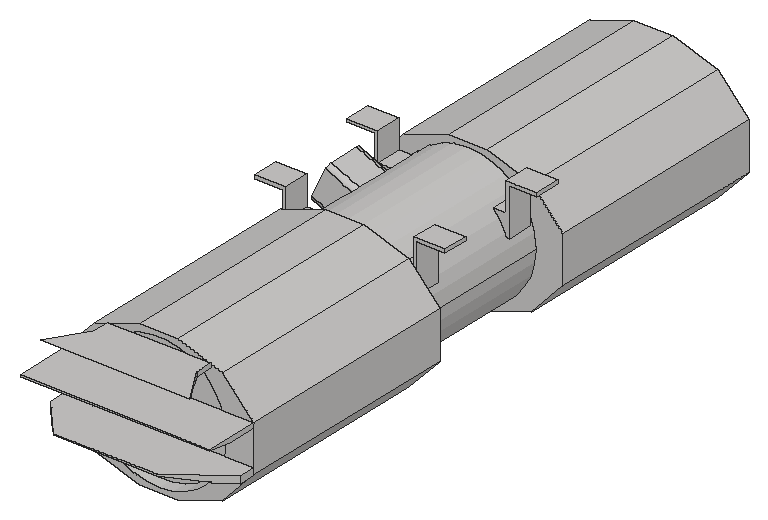
Revit family "HARMANN - REVIT - PIRAX", category Wyposażenie mechaniczne, Revit 2025
Family settings
  Wymiar okrągłego złącza = Użyj średnicy
  Typ części = Normalny
  Numer OmniClass = 23.75.00.00
  Tytuł OmniClass = Climate Control (HVAC)
  Oparty na płaszczyźnie roboczej = Nie
  Zawsze pionowo = Nie
  Tnij formami wycięć po wczytaniu = Nie
  Zachowaj orientację opisów = Nie
  Współdzielony = Nie
  Punkt obliczania pomieszczeń = Nie
Parameters (values of type "PIRAX.S CPA 400 D42")
  r2 = r - 10.00 mm  # 191.00 mm
  r = 201.00 mm
  g = 280.00 mm
  f = 240.00 mm
  e = 167.00 mm
  d = 169.00 mm
  c = 189.00 mm
  b = 56.50 mm
  a = 69.50 mm
  Zasilanie natężenie maksymalne II = 5.23 A
  Zasilanie napięcie nominalne Unom = 400 V
  Zasilanie Rodzaj Sterowania = "II biegi Y/YY"
  Zasilanie Moc maksymalna II = 2875 W
  Zasilanie Częstotliwość Nominalna = 50 Hz
  Temperatura pracy T = 60 °C
  PIRAX 400 [instance] = "431-487 mm"  # constant formula
  PIRAX 355 [instance] = "386-442 mm"  # constant formula
  PIRAX 315 [instance] = "346-430 mm"  # constant formula
  Odsunięcie wentylatora od stropu [instance] = "Podaj odsunięcie wentylatora od stropu, Zakresy dla konkretnych modeli"  # constant formula
  Numer artykułu = "15906801"
  Tmax = "60 oC"
  Kierunek rewersyjny. Siła ciągu II = 0.00 N
  Kierunek rewersyjny. Powietrze Przepływ II = 0 m³/h
  Kierunek rewersyjny. I bieg Qrev = 0 m³/h
  Kierunek rewersyjny. BiegFrev = 0.00 N
  Kierunek przepływu = size_lookup(Lookup Table Name, "Kierunek przepływu", "n/a", N1)  # "Jednokierunkowy"
  Kierunek główny. Siła ciągu II = 87.00 N
  Kierunek główny. Powietrze Przepływ II = 10830 m³/h
  Obroty maksymalne II (min-1) = "2890"
  N1 = 6 mm
  Producent = "Harmann Polska Sp. z o.o."  # constant formula
  Lookup Table Name = "PIRAX.S"
  L = size_lookup(Lookup Table Name, "L", 1.00 mm, N1)  # 1824.00 mm
  Kierunek główny. I bieg Qmax = 5500 m³/h
  J = size_lookup(Lookup Table Name, "J", 1.00 mm, N1)  # 535.00 mm
  Kierunek główny. I bieg F = 22.00 N
  I bieg nmax = "1460"
  Zasilanie. I bieg Pmax = 423 W
  I bieg Lpa dB(A) = 550 mm
  I bieg Imax = 1.26 A
  I = size_lookup(Lookup Table Name, "I", 1.00 mm, N1)  # 30.00 mm
  Zasilanie Ilość faz = 3
  H (Rzeczywiste) [instance] = if(Podaj odsunięcie od stropu dla wybranego modelu < 346.00 mm, 346.00 mm, if(Podaj odsunięcie od stropu dla wybranego modelu > 487.00 mm, 487.00 mm, Podaj odsunięcie od stropu dla wybranego modelu))  # 431.00 mm
  Podaj odsunięcie od stropu dla wybranego modelu [instance] = 431.00 mm
  G = size_lookup(Lookup Table Name, "G", 1.00 mm, N1)  # 47.40 mm
  Model = "PIRAX.S CPA 400 D42"
  Masa = 46.00 kg
  F = size_lookup(Lookup Table Name, "F", 1.00 mm, N1)  # 424.00 mm
  Opis = "Strumieniowy wentylator."
  E = size_lookup(Lookup Table Name, "E", 1.00 mm, N1)  # 560.00 mm
  Domyślna rzędna = 0.00 mm
  Ciśnienie akustyczne nominalne II Lpa dB(A) = 730 mm
  C = size_lookup(Lookup Table Name, "C", 1.00 mm, N1)  # 635.00 mm
  B = size_lookup(Lookup Table Name, "B", 1.00 mm, N1)  # 340.00 mm
  Autor = "https://www.archispace.com/"
  A = size_lookup(Lookup Table Name, "A", 1.00 mm, N1)  # 452.00 mm
Types (12, lengths in mm): name | r2 | r | g | f | e | d | c | b | a | Zasilanie natężenie maksymalne II | Zasilanie Rodzaj Sterowania | Zasilanie Moc maksymalna II | Numer artykułu | Tmax | Kierunek rewersyjny. Siła ciągu II | Kierunek rewersyjny. Powietrze Przepływ II | Kierunek rewersyjny. I bieg Qrev | Kierunek rewersyjny. BiegFrev | Kierunek przepływu | Kierunek główny. Siła ciągu II | Kierunek główny. Powietrze Przepływ II | Obroty maksymalne II (min-1) | N1 | Lookup Table Name | Kierunek główny. I bieg Qmax | J | Kierunek główny. I bieg F | I bieg nmax | Zasilanie. I bieg Pmax | I bieg Lpa dB(A) | I bieg Imax | H (Rzeczywiste) | Podaj odsunięcie od stropu dla wybranego modelu | Model | Masa | F | E | Ciśnienie akustyczne nominalne II Lpa dB(A) | C
  PIRAX CPA 315 D2 | 148.00 | 158.00 | 234.785 | 192.00 | 128.00 | 126.50 | 150.00 | 60.00 | 56.50 | 2.3 A | "I bieg Y" | 1050 W | "15905000" | "60 oC" | 27.00 N | 4790 m³/h | 0 m³/h | 0.00 N | "Dwukierunkowy" | 28.00 N | 4800 m³/h | "2900" | 1 | "PIRAX" | 0 m³/h | 447.00 | 0.00 N | "0" | 0 W | 0 | 0 A | 346.00 | 346.00 | "PIRAX CPA 315 D2" | 33.50 kg | 339.00 | 445.00 | 650 | 547.00
  PIRAX CPA 355 D2 | 168.00 | 178.00 | 254.00 | 225.00 | 150.00 | 142.50 | 168.00 | 65.00 | 61.00 | 3.63 A | "I bieg Y" | 1965 W | "15906000" | "60 oC" | 45.00 N | 6940 m³/h | 0 m³/h | 0.00 N | "Dwukierunkowy" | 49.00 N | 7200 m³/h | "2905" | 3 | "PIRAX" | 0 m³/h | 489.00 | 0.00 N | "0" | 0 W | 0 | 0 A | 386.00 | 386.00 | "PIRAX CPA 355 D2" | 42.40 kg | 379.00 | 505.00 | 700 | 587.00
  PIRAX CPA 400 D2 | 191.00 | 201.00 | 280.00 | 240.00 | 167.00 | 169.00 | 189.00 | 56.50 | 69.50 | 0 A | "I bieg Y" | 0 W | "15906300" | "0 oC" | 0.00 N | 0 m³/h | 9980 m³/h | 74.00 N | "Dwukierunkowy" | 0.00 N | 0 m³/h | "0" | 5 | "PIRAX" | 10740 m³/h | 535.00 | 85.00 N | "2890" | 2770 W | 730 | 5.2 A | 431.00 | 431.00 | "PIRAX CPA 400 D2" | 48.00 kg | 424.00 | 560.00 | 0 | 635.00
  PIRAX CPA 315 D42 | 148.00 | 158.00 | 234.785 | 192.00 | 128.00 | 126.50 | 150.00 | 60.00 | 56.50 | 2.1 A | "II biegi Y/YY" | 1059 W | "15907800" | "60 oC" | 28.00 N | 4875 m³/h | 2400 m³/h | 7.00 N | "Dwukierunkowy" | 29.00 N | 4910 m³/h | "2900" | 1 | "PIRAX" | 2450 m³/h | 447.00 | 7.00 N | "1460" | 202 W | 500 | 0.91 A | 346.00 | 346.00 | "PIRAX CPA 315 D42" | 31.50 kg | 339.00 | 445.00 | 650 | 547.00
  PIRAX CPA 355 D42 | 168.00 | 178.00 | 254.00 | 225.00 | 150.00 | 142.50 | 168.00 | 65.00 | 61.00 | 3.8 A | "II biegi Y/YY" | 1994 W | "15907300" | "60 oC" | 47.00 N | 7050 m³/h | 3525 m³/h | 12.00 N | "Dwukierunkowy" | 50.00 N | 7330 m³/h | "2905" | 3 | "PIRAX" | 3640 m³/h | 489.00 | 12.00 N | "1460" | 325 W | 530 | 1.05 A | 386.00 | 386.00 | "PIRAX CPA 355 D42" | 40.00 kg | 379.00 | 505.00 | 680 | 587.00
  PIRAX CPA 400 D42 | 191.00 | 201.00 | 280.00 | 240.00 | 167.00 | 169.00 | 189.00 | 56.50 | 69.50 | 5.23 A | "II biegi Y/YY" | 2875 W | "15906800" | "60 oC" | 74.00 N | 10020 m³/h | 5060 m³/h | 19.00 N | "Dwukierunkowy" | 87.00 N | 10830 m³/h | "2890" | 5 | "PIRAX" | 5500 m³/h | 535.00 | 22.00 N | "1460" | 423 W | 550 | 1.26 A | 431.00 | 431.00 | "PIRAX CPA 400 D42" | 46.00 kg | 424.00 | 560.00 | 730 | 635.00
  PIRAX.S CPA 400 D2 | 191.00 | 201.00 | 280.00 | 240.00 | 167.00 | 169.00 | 189.00 | 56.50 | 69.50 | 5.2 A | "I bieg Y" | 2770 W | "15906301" | "60 oC" | 0.00 N | 0 m³/h | 0 m³/h | 0.00 N | "Jednokierunkowy" | 85.00 N | 10740 m³/h | "2885" | 6 | "PIRAX.S" | 0 m³/h | 535.00 | 0.00 N | "0" | 0 W | 0 | 0 A | 431.00 | 431.00 | "PIRAX.S CPA 400 D2" | 48.00 kg | 424.00 | 560.00 | 730 | 635.00
  PIRAX.S CPA 315 D2 | 148.00 | 158.00 | 234.785 | 192.00 | 128.00 | 126.50 | 150.00 | 60.00 | 56.50 | 2.3 A | "I biegi Y" | 1050 W | "15905001" | "60 oC" | 0.00 N | 0 m³/h | 0 m³/h | 0.00 N | "Jednokierunkowy" | 28.00 N | 4800 m³/h | "2900" | 2 | "PIRAX.S" | 0 m³/h | 447.00 | 0.00 N | "0" | 0 W | 0 | 0 A | 346.00 | 346.00 | "PIRAX.S CPA 315 D2" | 33.50 kg | 339.00 | 445.00 | 650 | 547.00
  PIRAX.S CPA 355 D2 | 168.00 | 178.00 | 254.00 | 225.00 | 150.00 | 142.50 | 168.00 | 65.00 | 61.00 | 3.63 A | "Ibieg Y" | 1965 W | "15906001" | "60 oC" | 0.00 N | 0 m³/h | 0 m³/h | 0.00 N | "Jednokierunkowy" | 49.00 N | 7200 m³/h | "2905" | 4 | "PIRAX.S" | 0 m³/h | 489.00 | 0.00 N | "0" | 0 W | 0 | 0 A | 386.00 | 386.00 | "PIRAX.S CPA 355 D2" | 42.40 kg | 379.00 | 505.00 | 700 | 587.00
  PIRAX.S CPA 355 D42 | 168.00 | 178.00 | 254.00 | 225.00 | 150.00 | 142.50 | 168.00 | 65.00 | 61.00 | 3.82 A | "II biegi Y/YY" | 1994 W | "15907301" | "60 oC" | 0.00 N | 0 m³/h | 0 m³/h | 0.00 N | "Jednokierunkowy" | 50.00 N | 7330 m³/h | "2905" | 4 | "PIRAX.S" | 3640 m³/h | 489.00 | 12.00 N | "1460" | 325 W | 530 | 1.05 A | 386.00 | 386.00 | "PIRAX.S CPA 355 D42" | 40.00 kg | 379.00 | 505.00 | 680 | 587.00
  PIRAX.S CPA 315 D42 | 148.00 | 158.00 | 234.785 | 192.00 | 128.00 | 126.50 | 150.00 | 60.00 | 56.50 | 2.1 A | "II biegi Y/YY" | 1059 W | "15907801" | "60 oC" | 0.00 N | 0 m³/h | 0 m³/h | 0.00 N | "Jednokierunkowy" | 29.00 N | 4910 m³/h | "2900" | 2 | "PIRAX.S" | 2450 m³/h | 447.00 | 7.00 N | "1460" | 202 W | 500 | 0.91 A | 346.00 | 346.00 | "PIRAX.S CPA 315 D42" | 31.50 kg | 339.00 | 445.00 | 650 | 547.00
  PIRAX.S CPA 400 D42 | 191.00 | 201.00 | 280.00 | 240.00 | 167.00 | 169.00 | 189.00 | 56.50 | 69.50 | 5.23 A | "II biegi Y/YY" | 2875 W | "15906801" | "60 oC" | 0.00 N | 0 m³/h | 0 m³/h | 0.00 N | "Jednokierunkowy" | 87.00 N | 10830 m³/h | "2890" | 6 | "PIRAX.S" | 5500 m³/h | 535.00 | 22.00 N | "1460" | 423 W | 550 | 1.26 A | 431.00 | 431.00 | "PIRAX.S CPA 400 D42" | 46.00 kg | 424.00 | 560.00 | 730 | 635.00
Reference planes
  plane 1 "Center (Front/Back)": y = 0
  plane 2: z = 0
  plane 3 "Center (Left/Right)": x = 0
  plane 4: z = 424
  plane 5: y = -1824
  plane 6: x = -280
  plane 7: x = 280
  plane 8: y = -1138
  plane 9: y = -686
  plane 10: y = -742
  plane 11: y = -1082
  plane 12: z = 212
  plane 13: z = 281.5
  plane 14: z = 142.5
  plane 15: z = 381
  plane 16: z = 43
  plane 17: x = -56.5
  plane 18: x = -189
  plane 19: x = 56.5
  plane 20: x = 189
  plane 21: z = 431
  plane 22: z = 346
  plane 23: y = -1991
  plane 24: y = -855
  plane 25: through (-362.461, -1524, 381.018) normal (-0.4226, 0, -0.9063)
Forms (mm)
  Sweep 1, solid, material "HARMANN - Stal Galwanizowana", detail levels coarse
    path origin (0, 0, 0) x (1, 0, 0) y (0, 1, 0)
      loop
        line (0, 0) -> (0, -1824)
    profile origin (0, -912, 0) x (1, 0, 0) y (0, 0, 1)
      loop
        line (-280, 281.5) -> (-280, 142.5) -> (-189, 43) -> (-56.5, 0) -> (56.5, 0) -> (189, 43) -> (280, 142.5) -> (280, 281.5) -> (189, 381) -> (56.5, 424) -> (-56.5, 424) -> (-189, 381) -> (-280, 281.5)
  Sweep 2, solid, material "HARMANN - Stal Galwanizowana", detail levels medium+fine
    path origin (0, 0, 0) x (1, 0, 0) y (0, 1, 0)
      loop
        line (0, 0) -> (0, -686)
    profile origin (0, -343, 0) x (1, 0, 0) y (0, 0, 1)
      loop
        circle (0, 212) r 201
      loop
        line (280, 142.5) -> (280, 281.5) -> (189, 381) -> (56.5, 424) -> (-56.5, 424) -> (-189, 381) -> (-280, 281.5) -> (-280, 142.5) -> (-189, 43) -> (-56.5, 0) -> (56.5, 0) -> (189, 43) -> (280, 142.5)
  Sweep 3, solid, material "HARMANN - Stal Galwanizowana", detail levels medium+fine
    path origin (-1437.329, -1524, 212) x (-1, 0, 0) y (0, -1, 0)
      loop
        line (-1437.329, -1499) -> (-1437.329, -1474)
    profile origin (0, -37.5, 212) x (1, 0, 0) y (0, 0, 1)
      loop
        circle (0, 0) r 191
  Sweep 4, solid, material "HARMANN - Stal Galwanizowana", detail levels medium+fine
    path origin (0, 0, 0) x (1, 0, 0) y (0, 1, 0)
      loop
        line (0, -1138) -> (0, -1824)
    profile origin (0, -1481, 0) x (1, 0, 0) y (0, 0, 1)
      loop
        line (-56.5, 424) -> (-189, 381) -> (-280, 281.5) -> (-280, 142.5) -> (-189, 43) -> (-56.5, 0) -> (56.5, 0) -> (189, 43) -> (280, 142.5) -> (280, 281.5) -> (189, 381) -> (56.5, 424) -> (-56.5, 424)
      loop
        circle (0, 212) r 201
  Sweep 5, solid, material "HARMANN - Stal Galwanizowana", detail levels medium+fine
    path origin (0, 0, 0) x (1, 0, 0) y (0, 1, 0)
      loop
        line (0, -686) -> (0, -1138)
    profile origin (0, -912, 0) x (1, 0, 0) y (0, 0, 1)
      loop
        circle (0, 212) r 201
  Sweep 6, solid, material "HARMANN - Stal Galwanizowana", detail levels medium+fine
    path origin (-1437.329, -1524, 212) x (-1, 0, 0) y (0, -1, 0)
      loop
        line (-1248.329, -404) -> (-1248.329, -480)
    profile origin (-189, -1082, 212) x (-1, 0, 0) y (0, 0, 1)
      loop
        line (91, 219) -> (0, 219) -> (0, 134) -> (-132.5, 134) -> (-132.5, 69.5) -> (10, 69.5) -> (10, 209) -> (91, 209) -> (91, 219)
      loop
        line (-469, 219) -> (-469, 209) -> (-388, 209) -> (-388, 69.5) -> (-245.5, 69.5) -> (-245.5, 134) -> (-378, 134) -> (-378, 219) -> (-469, 219)
  Sweep 7, solid, material "HARMANN - Stal Galwanizowana", detail levels medium+fine
    path origin (-1437.329, -1184, 212) x (-1, 0, 0) y (0, -1, 0)
      loop
        line (-1248.329, -404) -> (-1248.329, -480)
    profile origin (-189, -742, 212) x (-1, 0, 0) y (0, 0, 1)
      loop
        line (91, 219) -> (0, 219) -> (0, 134) -> (-132.5, 134) -> (-132.5, 69.5) -> (10, 69.5) -> (10, 209) -> (91, 209) -> (91, 219)
      loop
        line (-469, 219) -> (-469, 209) -> (-388, 209) -> (-388, 69.5) -> (-245.5, 69.5) -> (-245.5, 134) -> (-378, 134) -> (-378, 219) -> (-469, 219)
  Sweep 8, solid, material "HARMANN - Stal Galwanizowana"
    path origin (0, 0, 0) x (0, 1, 0) y (0, 0, 1)
      loop
        line (-1824, 395) -> (-1824, 381)
    profile origin (0, -1824, 388) x (1, 0, 0) y (0, 1, 0)
      loop
        line (-151.689, 0) -> (-151.689, -52.15) -> (-222.5, -167) -> (222.5, -167) -> (151.689, -52.15) -> (151.689, 0) -> (-151.689, 0)
  Sweep 9, solid, material "HARMANN - Stal Galwanizowana"
    path origin (0, 0, 0) x (0, 1, 0) y (0, 0, 1)
      loop
        line (-1824, 281.5) -> (-1824, 267.5)
    profile origin (0, -1824, 274.5) x (1, 0, 0) y (0, 1, 0)
      loop
        line (-280, 0) -> (-280, -167) -> (280, -167) -> (280, 0) -> (-280, 0)
  Sweep 10, solid, material "HARMANN - Stal Galwanizowana"
    path origin (0, 0, 0) x (0, 1, 0) y (0, 0, 1)
      loop
        line (-1824, 162.5) -> (-1824, 142.5)
    profile origin (0, -1824, 152.5) x (1, 0, 0) y (0, 1, 0)
      loop
        line (-280, 0) -> (-280, -50) -> (-181, -162) -> (-181, -167) -> (123.5, -167) -> (123.5, -162) -> (280, -50) -> (280, 0) -> (-280, 0)
  Sweep 11, void
    path origin (-1437.329, -1524, 142.5) x (-1, 0, 0) y (0, -1, 0)
      loop
        line (-1717.329, 467) -> (-1157.329, 467)
    profile origin (0, -1991, 142.5) x (0, -1, 0) y (0, 0, 1)
      loop
        line (-78, 0) -> (0, 0) -> (0, 20) -> (-5, 20) -> (-5, 15.876) -> (-60.572, 5.05) -> (-78, 5.05) -> (-78, 0)
  Sweep 12, void
    path origin (0, -1824, 281.5) x (0, -1, 0) y (1, 0, 0)
      loop
        line (167, 280) -> (167, -280)
    profile origin (0, -1991, 281.5) x (0, -1, 0) y (0, 0, 1)
      loop
        line (-76.686, -14) -> (0, -14) -> (0, 0) -> (-5, 0) -> (-5, -4.18) -> (-76.686, -14)
  Sweep 13, void
    path origin (0, -1824, 395) x (0, -1, 0) y (1, 0, 0)
      loop
        line (167, 222.5) -> (167, -222.5)
    profile origin (0, -1991, 395) x (0, -1, 0) y (0, 0, 1)
      loop
        line (-78, -14) -> (0, -14) -> (0, 0) -> (-5.342, 0) -> (-63.075, -9.094) -> (-78, -9.094) -> (-78, -14)
  Sweep 14, solid, material "HARMANN - Stal Galwanizowana", detail levels medium+fine
    path origin (-1437.329, -1524, 212) x (-1, 0, 0) y (0, -1, 0)
      loop
        line (-1437.329, 250) -> (-1437.329, 275)
    profile origin (0, -1786.5, 212) x (1, 0, 0) y (0, 0, 1)
      loop
        circle (0, 0) r 191
  Sweep 15, solid, material "HARMANN - Stal Galwanizowana", detail levels medium+fine
    path origin (-442.757, -855, 350.957) x (0.906308, 0, -0.422618) y (0.422618, 0, 0.906308)
      loop
        line (291.556, 0) -> (180, 0)
    profile origin (-229.069, -855, 251.313) x (-0.422618, 0, -0.906308) y (0, -1, 0)
      loop
        arc (-14.179, -61.75) -> (-3.572, -57.357) -> (0.821, -46.75) r 15
        line (0.821, -46.75) -> (0.821, 46.75)
        arc (0.821, 46.75) -> (-3.572, 57.357) -> (-14.179, 61.75) r 15
        line (-14.179, 61.75) -> (-108.179, 61.75)
        arc (-108.179, 61.75) -> (-118.786, 57.357) -> (-123.179, 46.75) r 15
        line (-123.179, 46.75) -> (-123.179, -46.75)
        arc (-123.179, -46.75) -> (-118.786, -57.357) -> (-108.179, -61.75) r 15
        line (-108.179, -61.75) -> (-14.179, -61.75)
  Sweep 16, solid, material "HARMANN - Stal Galwanizowana", detail levels medium+fine
    path origin (-245.263, -855, 326.368) x (-0.422618, 0, -0.906308) y (0.906308, 0, -0.422618)
      loop
        line (278, 40) -> (0, 40)
    profile origin (-267.755, -855, 183.486) x (-0.906308, 0, 0.422618) y (0, -1, 0)
      loop
        circle (9.382, 24) r 10.5
Cuts and joins
  joined: Sweep 5, Sweep 6, Sweep 7, Sweep 15, Sweep 16
  Sweep 12, Sweep 13 cuts Sweep 9
  Sweep 13 cuts Sweep 8
  Sweep 11, Sweep 12 cuts Sweep 10
Lines and regions (mm)
  reference lines
    curve 1: line (-416.902, -855, 406.404) -> (0, -855, 212)
    curve 2: line (0, -855, 212) -> (-109.881, -855, -23.64)
    curve 3: line (-217.514, -855, 313.428) -> (-396.188, -855, -69.74)
    curve 4: line (60, -855, 212) -> (-60, -855, 212)
Dimensions and locks
  "F": plane 4 to level
  "L": plane 5 to plane 1 "Center (Front/Back)"
  equal spacing: plane 6, plane 3 "Center (Left/Right)", plane 7
  "E": plane 6 to plane 7
  locked: plane 9 to plane 1 "Center (Front/Back)" at 686
  "A": plane 8 to plane 9
  locked: plane 10 to plane 9 at 56
  "B": plane 11 to plane 10
  equal spacing: plane 4, plane 12, level
  "a": plane 12 to plane 13
  "a": plane 14 to plane 12
  "d": plane 12 to plane 15
  "d": plane 16 to plane 12
  "b": plane 3 "Center (Left/Right)" to plane 17
  "c": plane 3 "Center (Left/Right)" to plane 18
  "b": plane 19 to plane 3 "Center (Left/Right)"
  "c": plane 20 to plane 3 "Center (Left/Right)"
  "H (Rzeczywiste)": plane 21 to level
  locked: Sweep 6 sketch curve to Sweep 6 sketch curve at 76
  locked: plane 21 to Sweep 6 sketch curve at 10
  locked: Sweep 6 sketch curve to plane 18 at 10
  locked: plane 20 to Sweep 6 sketch curve at 10
  locked: Sweep 6 sketch curve to plane 21 at 10
  locked: Sweep 7 sketch curve to Sweep 7 sketch curve at 76
  locked: plane 21 to Sweep 7 sketch curve at 10  (x2)
  locked: plane 18 to Sweep 7 sketch curve at 10
  locked: plane 20 to Sweep 7 sketch curve at 10
  "e": plane 23 to plane 5
  locked: Sweep 8 sketch curve to Sweep 8 sketch curve at 14
  locked: Sweep 9 sketch curve to Sweep 9 sketch curve at 14
  locked: Sweep 10 sketch curve to Sweep 10 sketch curve at 20
  locked: Sweep 14 sketch curve to Sweep 14 sketch curve at 25
  locked: plane 5 to Sweep 14 sketch curve at 25
  locked: Sweep 3 sketch curve to Sweep 3 sketch curve at 25
  locked: Sweep 3 sketch curve to plane 1 "Center (Front/Back)" at 25
  locked: Sweep 10 sketch curve to Sweep 10 sketch curve at 5  (x2)
  locked: Sweep 10 sketch curve to plane 5 at 50  (x2)
  locked: plane 24 to plane 10 at 113
  "f": curve 3 to curve 2
  curve 4 to curve 2 to curve 4 = 60.00 mm locked, 60.00 mm locked
  equal spacing: plane 4, curve 4, level
  locked: curve 1 to curve 1 at 460
  locked: curve 2 to curve 2 at 260
  "g": Sweep 15 sketch curve to curve 2
  locked: Sweep 16 sketch curve to Sweep 16 sketch curve at 278
  "r": radius of Sweep 4 sketch curve
  "r": radius of Sweep 5 sketch curve
  "r": radius of Sweep 2 sketch curve
  "r2": radius of Sweep 14 sketch curve
  "r2": radius of Sweep 3 sketch curve
  locked: plane 25 to plane 12 (angle 25.00°)
  locked: curve 1 to curve 2 (angle 90.00°)
  locked: curve 2 to plane 3 "Center (Left/Right)" (angle 25.00°)
  aligned and locked: level to plane 2
  aligned and locked: Sweep 1 sketch curve to plane 3 "Center (Left/Right)"
  aligned and locked: plane 1 "Center (Front/Back)" to Sweep 1 sketch curve
  aligned and locked: plane 5 to Sweep 1 sketch curve
  aligned and locked: plane 9 to Sweep 2 sketch curve
  aligned and locked: plane 1 "Center (Front/Back)" to Sweep 2 sketch curve
  aligned and locked: plane 5 to Sweep 4 sketch curve
  aligned and locked: plane 8 to Sweep 4 sketch curve
  aligned and locked: plane 9 to Sweep 5 sketch curve
  aligned and locked: plane 8 to Sweep 5 sketch curve
  aligned and locked: Sweep 4 sketch curve to plane 4
  aligned and locked: plane 12 to Sweep 4 sketch curve
  aligned and locked: plane 3 "Center (Left/Right)" to Sweep 4 sketch curve
  aligned and locked: Sweep 4 sketch curve to plane 6
  aligned and locked: plane 7 to Sweep 4 sketch curve
  aligned and locked: plane 12 to Sweep 2 sketch curve
  aligned and locked: plane 17 to Sweep 4 sketch curve  (x2)
  aligned and locked: plane 19 to Sweep 4 sketch curve  (x2)
  aligned and locked: plane 20 to Sweep 4 sketch curve  (x2)
  aligned and locked: plane 13 to Sweep 4 sketch curve  (x2)
  aligned and locked: plane 14 to Sweep 4 sketch curve  (x2)
  aligned and locked: plane 18 to Sweep 4 sketch curve  (x2)
  aligned and locked: Sweep 2 sketch curve to plane 7
  aligned and locked: plane 4 to Sweep 2 sketch curve
  aligned and locked: plane 6 to Sweep 2 sketch curve  (x2)
  aligned and locked: level to Sweep 2 sketch curve
  aligned and locked: plane 13 to Sweep 2 sketch curve  (x2)
  aligned and locked: plane 18 to Sweep 2 sketch curve  (x2)
  aligned and locked: plane 20 to Sweep 2 sketch curve  (x2)
  aligned and locked: plane 16 to Sweep 2 sketch curve  (x2)
  aligned and locked: plane 19 to Sweep 2 sketch curve  (x2)
  aligned and locked: plane 17 to Sweep 2 sketch curve  (x2)
  aligned and locked: plane 14 to Sweep 2 sketch curve  (x2)
  aligned and locked: plane 15 to Sweep 2 sketch curve  (x2)
  aligned and locked: plane 7 to Sweep 2 sketch curve
  aligned and locked: plane 12 to Sweep 5 sketch curve
  aligned and locked: plane 12 to Sweep 3 sketch curve
  aligned and locked: plane 3 "Center (Left/Right)" to Sweep 3 sketch curve
  aligned and locked: Sweep 1 sketch curve to plane 6
  aligned and locked: Sweep 1 sketch curve to plane 4
  aligned and locked: plane 7 to Sweep 1 sketch curve
  aligned and locked: Sweep 1 sketch curve to plane 2
  aligned and locked: plane 17 to Sweep 1 sketch curve  (x2)
  aligned and locked: plane 13 to Sweep 1 sketch curve  (x2)
  aligned and locked: plane 19 to Sweep 1 sketch curve  (x2)
  aligned and locked: plane 20 to Sweep 1 sketch curve  (x2)
  aligned and locked: plane 15 to Sweep 1 sketch curve  (x2)
  aligned and locked: plane 16 to Sweep 1 sketch curve  (x2)
  aligned and locked: plane 18 to Sweep 1 sketch curve  (x2)
  aligned and locked: plane 14 to Sweep 1 sketch curve  (x2)
  aligned and locked: plane 15 to Sweep 4 sketch curve  (x2)
  aligned and locked: Sweep 6 sketch curve to plane 18
  aligned and locked: Sweep 7 sketch curve to plane 18
  aligned and locked: plane 18 to Sweep 6 sketch curve
  aligned and locked: plane 18 to Sweep 7 sketch curve
  aligned and locked: Sweep 7 sketch curve to plane 21
  aligned and locked: plane 21 to Sweep 7 sketch curve
  aligned and locked: plane 17 to Sweep 7 sketch curve
  aligned and locked: Sweep 7 sketch curve to plane 19
  aligned and locked: plane 20 to Sweep 7 sketch curve
  aligned and locked: Sweep 6 sketch curve to plane 21
  aligned and locked: plane 20 to Sweep 6 sketch curve
  aligned and locked: plane 21 to Sweep 6 sketch curve
  aligned and locked: plane 7 to Sweep 6 sketch curve
  aligned and locked: Sweep 6 sketch curve to plane 6
  aligned and locked: plane 17 to Sweep 6 sketch curve
  aligned and locked: Sweep 6 sketch curve to plane 19
  aligned and locked: plane 7 to Sweep 7 sketch curve
  aligned and locked: Sweep 7 sketch curve to plane 6
  aligned and locked: plane 16 to Sweep 4 sketch curve  (x2)
  aligned and locked: plane 5 to Sweep 8 sketch curve  (x2)
  aligned and locked: Sweep 8 sketch curve to plane 23
  aligned and locked: plane 15 to Sweep 8 sketch curve
  aligned and locked: plane 13 to Sweep 9 sketch curve
  aligned and locked: plane 14 to Sweep 10 sketch curve
  aligned and locked: Sweep 9 sketch curve to plane 6
  aligned and locked: plane 7 to Sweep 9 sketch curve
  aligned and locked: plane 5 to Sweep 9 sketch curve
  aligned and locked: Sweep 9 sketch curve to plane 23
  aligned and locked: Sweep 10 sketch curve to plane 6
  aligned and locked: plane 7 to Sweep 10 sketch curve
  aligned and locked: plane 5 to Sweep 10 sketch curve
  aligned and locked: Sweep 10 sketch curve to plane 23
  aligned and locked: Sweep 11 sketch curve to plane 23
  aligned and locked: plane 7 to Sweep 11 sketch curve
  aligned and locked: Sweep 11 sketch curve to plane 6
  aligned and locked: plane 12 to Sweep 14 sketch curve
  aligned and locked: plane 3 "Center (Left/Right)" to Sweep 14 sketch curve
  aligned and locked: plane 25 to Sweep 16 sketch curve
  aligned and locked: plane 12 to curve 4
  aligned and locked: curve 4 to curve 2
Automatic sketch dimensions
  Sweep 2 sketch curve to plane 3 "Center (Left/Right)" = 0.00 mm
  Sweep 3 sketch curve to plane 3 "Center (Left/Right)" = 0.00 mm
  Sweep 4 sketch curve to plane 3 "Center (Left/Right)" = 0.00 mm
  Sweep 5 sketch curve to plane 3 "Center (Left/Right)" = 0.00 mm
  Sweep 6 sketch curve to plane 11 = 38.00 mm
  plane 9 to Sweep 7 sketch curve = 18.00 mm
  plane 12 to Sweep 6 sketch curve = 69.50 mm  (x2)
  plane 12 to Sweep 7 sketch curve = 69.50 mm
  Sweep 7 sketch curve to Sweep 7 sketch curve = 64.50 mm
  Sweep 7 sketch curve to Sweep 7 sketch curve = 0.00 mm  (x2)
  Sweep 6 sketch curve to Sweep 6 sketch curve = 64.50 mm  (x2)
  Sweep 9 sketch curve to plane 5 = 0.00 mm
  Sweep 10 sketch curve to plane 5 = 0.00 mm
  profile plane to Sweep 11 sketch curve = 78.00 mm
  Sweep 11 sketch curve to Sweep 11 sketch curve = 17.428 mm
  plane 14 to Sweep 11 sketch curve = 0.00 mm
  Sweep 11 sketch curve to Sweep 11 sketch curve = 5.05 mm
  plane 14 to Sweep 11 sketch curve = 15.876 mm
  Sweep 11 sketch curve to Sweep 11 sketch curve = 60.572 mm
  Sweep 11 sketch curve to Sweep 11 sketch curve = 4.124 mm
  Sweep 11 sketch curve to Sweep 11 sketch curve = 5.00 mm
  Sweep 12 sketch curve to Sweep 9 = 0.00 mm  (x3)
  Sweep 12 sketch curve to profile plane = 14.00 mm
  Sweep 12 sketch curve to profile plane = 0.00 mm
  Sweep 12 sketch curve to Sweep 12 sketch curve = 76.686 mm
  profile plane to Sweep 12 sketch curve = 0.00 mm
  Sweep 12 sketch curve to Sweep 12 sketch curve = 5.00 mm
  Sweep 12 sketch curve to Sweep 12 sketch curve = 4.18 mm
  profile plane to Sweep 8 sketch curve = 52.15 mm  (x2)
  Sweep 8 sketch curve to plane 3 "Center (Left/Right)" = 151.689 mm
  Sweep 8 sketch curve to Sweep 8 sketch curve = 70.811 mm  (x2)
  plane 3 "Center (Left/Right)" to Sweep 8 sketch curve = 151.689 mm
  Sweep 13 sketch curve to Sweep 8 = 0.00 mm  (x3)
  Sweep 13 sketch curve to profile plane = 14.00 mm
  Sweep 13 sketch curve to profile plane = 0.00 mm
  Sweep 13 sketch curve to Sweep 13 sketch curve = 78.00 mm
  Sweep 13 sketch curve to Sweep 13 sketch curve = 14.00 mm
  Sweep 13 sketch curve to Sweep 13 sketch curve = 5.342 mm
  Sweep 13 sketch curve to profile plane = 9.094 mm
  Sweep 13 sketch curve to Sweep 13 sketch curve = 14.925 mm
  Sweep 14 sketch curve to plane 3 "Center (Left/Right)" = 0.00 mm
  Sweep 10 sketch curve to Sweep 10 sketch curve = 99.00 mm
  plane 3 "Center (Left/Right)" to Sweep 10 sketch curve = 123.50 mm
  Sweep 16 sketch curve to profile plane = 9.382 mm
  plane 24 to Sweep 16 sketch curve = 24.00 mm
  profile plane to Sweep 15 sketch curve = 123.179 mm
  Sweep 15 sketch curve to Sweep 15 sketch curve = 15.00 mm  (x2)
  profile plane to Sweep 15 sketch curve = 14.179 mm  (x2)
  Sweep 15 sketch curve to profile plane = 0.821 mm
  Sweep 15 sketch curve to plane 24 = 61.75 mm
  plane 24 to Sweep 15 sketch curve = 46.75 mm
  curve 3 to Sweep 16 sketch curve = 9.382 mm
  profile plane to Sweep 2 sketch curve = 0.00 mm
  Sweep 4 sketch curve to plane 2 = 0.00 mm
  Sweep 4 sketch curve to Sweep 4 sketch curve = 43.00 mm
  profile plane to Sweep 5 sketch curve = 0.00 mm
  curve 1 to Sweep 15 sketch curve = 61.179 mm
  Sweep 15 sketch curve to Sweep 15 sketch curve = 111.556 mm
  curve 1 to plane 25 = 0.00 mm
  curve 3 to level = 69.74 mm
  radius of Sweep 16 sketch curve = 10.50 mm
Connectors
  electrical at (-253.766, -855, 330.333), driven by "Zasilanie Ilość faz", driven by "Zasilanie napięcie nominalne Unom", driven by "Zasilanie Moc maksymalna II", driven by "Zasilanie. I bieg Pmax"
    settings: on cut or joined group of Sweep 5, Sweep 6, Sweep 7, Sweep 15, Sweep 16, index 1, voltage 400 V, apparent load 0 VA, apparent load phase1 2875 VA, apparent load phase2 423 VA, apparent load phase3 0 VA, power factor 1, load classification "Other", number of poles 3, system type 31, power factor state 1, is connector primary yes, connector utility no, sub classification motor no, connector description ""
